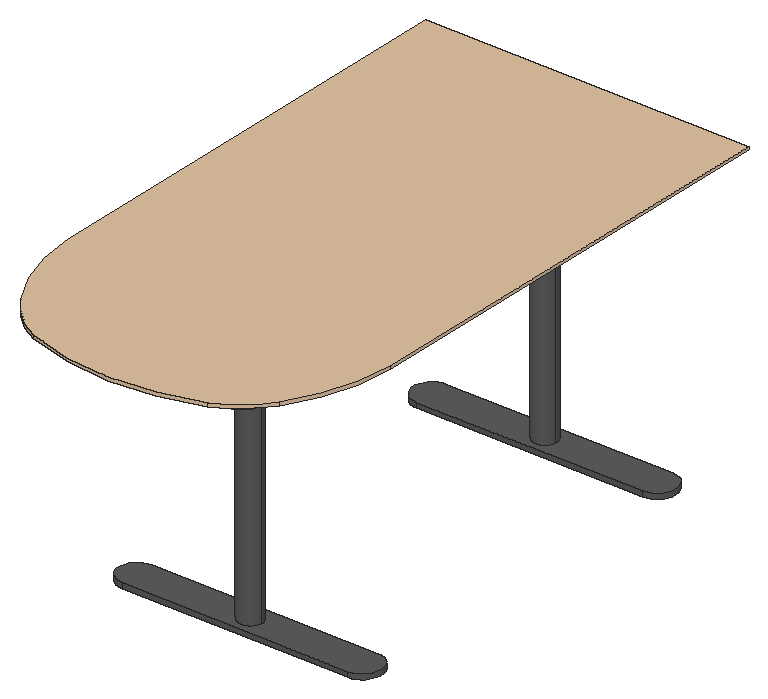
Revit family "FU_Table_Sandler_KERN 0610", category Furniture, Revit 2022
Family settings
  OmniClass Number = 23.40.20.00
  OmniClass Title = General Furniture and Specialties
  Work Plane-Based = No
  Always vertical = Yes
  Cut with Voids When Loaded = No
  Render Appearance Source = Family Geometry
  Shared = No
  Room Calculation Point = No
Parameters (values of type "KERN 0610")
  Width = 700 mm
  URL = "https://www.sandlerseating.com/product/kern-0610/"
  Top [instance] = Wood - Oak - Natural - V
  Model = "KERN 0610"
  Manufacturer = "Sandler"
  Height = 650 mm
  Frame [instance] = Epoxy - M1_B00 - Black
  Description = "Meeting table for four-seat rooms, suitable for configurations 1, 2, 5, 6, 7, and 8. 98% recyclable. Available in wood veneer, HPL, HPL Stone, and anti-fingerprint FENIX."
  Depth = 1300 mm
  Default Elevation = 0 mm
Reference planes
  plane 1 "Center (Front/Back)": y = 0
  plane 2: z = 0
  plane 3 "Center (Left/Right)": x = 0
  plane 4 "Right": x = -350
  plane 5 "Left": x = 350
  plane 6 "Back": y = 650
  plane 7 "Front": y = -650
  plane 8 "Height": z = 650
  plane 9 "Top Base": z = 627
Forms (mm)
  Extrusion 1, solid, material "Epoxy - M1_B00 - Black" <- "Frame"
    sketch origin (0, 0, 0) x (1, 0, 0) y (0, 1, 0)
      loop
        arc (-245, -225) -> (-285, -265) -> (-245, -305) r 40
        line (-245, -305) -> (245, -305)
        arc (245, -305) -> (285, -265) -> (245, -225) r 40
        line (245, -225) -> (-245, -225)
    from 0 to 11
  Extrusion 2, solid, material "Epoxy - M1_B00 - Black" <- "Frame"
    sketch origin (0, 0, 627) x (-1, 0, 0) y (0, -1, 0)
      loop
        arc (100, 207.5) -> (121.213, 216.287) -> (130, 237.5) r 30
        line (130, 237.5) -> (130, 292.5)
        arc (130, 292.5) -> (121.213, 313.713) -> (100, 322.5) r 30
        line (100, 322.5) -> (-100, 322.5)
        arc (-100, 322.5) -> (-121.213, 313.713) -> (-130, 292.5) r 30
        line (-130, 292.5) -> (-130, 237.5)
        arc (-130, 237.5) -> (-121.213, 216.287) -> (-100, 207.5) r 30
        line (-100, 207.5) -> (100, 207.5)
    from 0 to -5
  Extrusion 3, solid, material "Epoxy - M1_B00 - Black" <- "Frame"
    sketch origin (0, 0, 0) x (1, 0, 0) y (0, 1, 0)
      loop
        circle (0, -265) r 25
    from 0 to 627
  Extrusion 4, solid, material "Epoxy - M1_B00 - Black" <- "Frame"
    sketch origin (0, 270, 0) x (1, 0, 0) y (0, 1, 0)
      loop
        line (-245, 225) -> (245, 225)
        arc (245, 225) -> (285, 265) -> (245, 305) r 40
        line (245, 305) -> (-245, 305)
        arc (-245, 305) -> (-285, 265) -> (-245, 225) r 40
    from 0 to 11
  Extrusion 5, solid, material "Epoxy - M1_B00 - Black" <- "Frame"
    sketch origin (0, 270, 627) x (-1, 0, 0) y (0, -1, 0)
      loop
        line (100, -207.5) -> (-100, -207.5)
        arc (-100, -207.5) -> (-121.213, -216.287) -> (-130, -237.5) r 30
        line (-130, -237.5) -> (-130, -292.5)
        arc (-130, -292.5) -> (-121.213, -313.713) -> (-100, -322.5) r 30
        line (-100, -322.5) -> (100, -322.5)
        arc (100, -322.5) -> (121.213, -313.713) -> (130, -292.5) r 30
        line (130, -292.5) -> (130, -237.5)
        arc (130, -237.5) -> (121.213, -216.287) -> (100, -207.5) r 30
    from 0 to -5
  Extrusion 6, solid, material "Epoxy - M1_B00 - Black" <- "Frame"
    sketch origin (0, 270, 0) x (1, 0, 0) y (0, 1, 0)
      loop
        circle (0, 265) r 25
    from 0 to 627
  Extrusion 7, solid, material "Wood - Oak - Natural - V" <- "Top"
    sketch origin (0, 0, 0) x (1, 0, 0) y (0, 1, 0)
      loop
        line (-301.989, 650) -> (-301.989, -319.764)
        arc (-301.989, -319.764) -> (-285.089, -418.649) -> (-242.038, -509.261) r 366.919
        arc (-242.038, -509.261) -> (-210.314, -545.291) -> (-169.804, -571.05) r 170.493
        arc (-169.804, -571.05) -> (0, -601.991) -> (169.804, -571.05) r 481.409
        arc (169.804, -571.05) -> (210.314, -545.291) -> (242.038, -509.261) r 170.493
        arc (242.038, -509.261) -> (285.089, -418.649) -> (301.989, -319.764) r 366.919
        line (301.989, -319.764) -> (301.989, 650) -> (-301.989, 650)
    from 627 to 650
  Sweep 8, solid, material "Wood - Oak - Natural - V" <- "Top"
    path in 3D
      loop
        line (-301.989, 650, 650) -> (-301.989, -319.764, 650)
        arc (-301.989, -319.764, 650) -> (-285.089, -418.649, 650) -> (-242.038, -509.261, 650) r 366.919
        arc (-242.038, -509.261, 650) -> (-210.314, -545.291, 650) -> (-169.804, -571.05, 650) r 170.493
        arc (-169.804, -571.05, 650) -> (0, -601.991, 650) -> (169.804, -571.05, 650) r 481.409
        arc (169.804, -571.05, 650) -> (210.314, -545.291, 650) -> (242.038, -509.261, 650) r 170.493
        arc (242.038, -509.261, 650) -> (285.089, -418.649, 650) -> (301.989, -319.764, 650) r 366.919
        line (301.989, -319.764, 650) -> (301.989, 650, 650)
    profile "Pro_Kern_TopEdge : Pro_Kern_TopEdge" origin (-301.989, 165.118, 650) x (1, 0, 0) y (0, 0, 1)
      loop
        line (0, 0) -> (-48, 0) -> (-48, -7.51)
        arc (-48, -7.51) -> (-25.178, -18.907) -> (0, -23) r 84.789
        line (0, -23) -> (0, 0)
Cuts and joins
  joined: Extrusion 7, Sweep 8
Lines and regions (mm)
  sketch lines
    curve 1: line (-301.989, 650, 650) -> (-301.989, -319.764, 650)
    curve 2: arc (-242.038, -509.261, 650) -> (-285.089, -418.649, 650) -> (-301.989, -319.764, 650) r 366.919
    curve 3: arc (-169.804, -571.05, 650) -> (-210.314, -545.291, 650) -> (-242.038, -509.261, 650) r 170.493
    curve 4: arc (169.804, -571.05, 650) -> (0, -601.991, 650) -> (-169.804, -571.05, 650) r 481.409
    curve 5: arc (242.038, -509.261, 650) -> (210.314, -545.291, 650) -> (169.804, -571.05, 650) r 170.493
    curve 6: arc (301.989, -319.764, 650) -> (285.089, -418.649, 650) -> (242.038, -509.261, 650) r 366.919
    curve 7: line (301.989, -319.764, 650) -> (301.989, 650, 650)
Dimensions and locks
  equal spacing: plane 6 "Back", plane 1 "Center (Front/Back)", plane 7 "Front"
  "Depth": plane 6 "Back" to plane 7 "Front"
  equal spacing: plane 4 "Right", plane 3 "Center (Left/Right)", plane 5 "Left"
  "Width": plane 4 "Right" to plane 5 "Left"
  "Height": plane 8 "Height" to level
  locked: plane 8 "Height" to plane 9 "Top Base" at 23
  aligned and locked: level to plane 2
  aligned and locked: plane 9 "Top Base" to Extrusion 3
Automatic sketch dimensions
  plane 4 "Right" to Extrusion 1 sketch curve = 105 mm
  Extrusion 1 sketch curve to plane 5 "Left" = 105 mm
  plane 1 "Center (Front/Back)" to Extrusion 1 sketch curve = 305 mm
  Extrusion 1 sketch curve to Extrusion 1 sketch curve = 40 mm
  plane 3 "Center (Left/Right)" to Extrusion 2 sketch curve = 130 mm
  Extrusion 2 sketch curve to Extrusion 2 sketch curve = 30 mm  (x3)
  Extrusion 2 sketch curve to plane 3 "Center (Left/Right)" = 100 mm
  Extrusion 2 sketch curve to Extrusion 2 sketch curve = 0 mm
  plane 1 "Center (Front/Back)" to Extrusion 2 sketch curve = 207.5 mm
  Extrusion 2 sketch curve to Extrusion 2 sketch curve = 55 mm
  Extrusion 3 sketch curve to plane 3 "Center (Left/Right)" = 0 mm
  plane 1 "Center (Front/Back)" to Extrusion 3 sketch curve = 265 mm
  plane 4 "Right" to Extrusion 4 sketch curve = 105 mm
  Extrusion 4 sketch curve to plane 5 "Left" = 105 mm
  Extrusion 4 sketch curve to plane 1 "Center (Front/Back)" = 495 mm
  Extrusion 4 sketch curve to Extrusion 4 sketch curve = 40 mm
  plane 3 "Center (Left/Right)" to Extrusion 5 sketch curve = 130 mm
  Extrusion 5 sketch curve to Extrusion 5 sketch curve = 30 mm  (x3)
  Extrusion 5 sketch curve to plane 3 "Center (Left/Right)" = 100 mm
  Extrusion 5 sketch curve to Extrusion 5 sketch curve = 0 mm
  Extrusion 5 sketch curve to plane 1 "Center (Front/Back)" = 592.5 mm
  Extrusion 5 sketch curve to Extrusion 5 sketch curve = 55 mm
  Extrusion 6 sketch curve to plane 3 "Center (Left/Right)" = 0 mm
  Extrusion 6 sketch curve to plane 1 "Center (Front/Back)" = 535 mm
  Extrusion 7 sketch curve to plane 6 "Back" = 0 mm
  Extrusion 7 sketch curve to plane 3 "Center (Left/Right)" = 0 mm
  Extrusion 7 sketch curve to plane 3 "Center (Left/Right)" = 64.74 mm
  Extrusion 7 sketch curve to plane 3 "Center (Left/Right)" = 99.49 mm
  plane 4 "Right" to Extrusion 7 sketch curve = 48.011 mm
  plane 3 "Center (Left/Right)" to Extrusion 7 sketch curve = 64.74 mm
  plane 3 "Center (Left/Right)" to Extrusion 7 sketch curve = 99.49 mm
  Extrusion 7 sketch curve to plane 5 "Left" = 48.011 mm
  plane 1 "Center (Front/Back)" to Extrusion 7 sketch curve = 120.581 mm
  Extrusion 7 sketch curve to Extrusion 7 sketch curve = 187.393 mm
  Extrusion 7 sketch curve to Extrusion 7 sketch curve = 0 mm  (x2)
  Extrusion 7 sketch curve to Extrusion 7 sketch curve = 11.789 mm  (x2)
  Extrusion 7 sketch curve to Extrusion 7 sketch curve = 107.757 mm  (x2)
  Extrusion 7 sketch curve to Extrusion 7 sketch curve = 72.235 mm
  plane 7 "Front" to Extrusion 7 sketch curve = 78.95 mm
  radius of Extrusion 3 sketch curve = 25 mm
  radius of Extrusion 6 sketch curve = 25 mm
